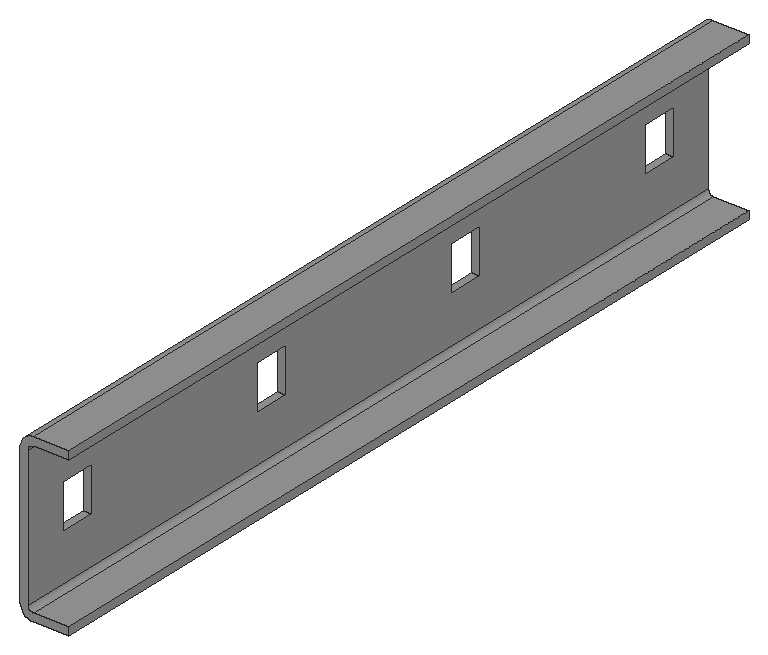
Revit family "Längsverbinder mit Schrauben - SLV 62 A4_Alu", category Generic Models, Revit 2017
Family settings
  Can host rebar = No
  Round Connector Dimension = Use Diameter
  Part Type = Normal
  Work Plane-Based = No
  Always vertical = Yes
  Cut with Voids When Loaded = No
  Shared = No
  Room Calculation Point = No
Parameters (values of type "SLV 62 FT")
  URL = "http://www.obo-bettermann.com"
  Material = Hot dip galvanised
  Manufacturer Art.No. = "7103576"
  Manufacturer = "OBO BETTERMANN"
  GTIN = "4012196698110"
  Cut's number = 4
  Article Type = "SLV 62 FT"
Types (3, lengths in mm): name | Material | Manufacturer Art.No. | GTIN | Article Type
  (no name) | Hot dip galvanised | "7103576" | "4012196698110" | "SLV 62 FT"
  SLV 62 A4 | Stainless steel, rustproof | "7103594" | "4012196698141" | "SLV 62 A4"
  SLV 62 FT | Hot dip galvanised | "7103576" | "4012196698110" | "SLV 62 FT"
Reference planes
  plane 1 "Center (Front/Back)": y = 0
  plane 2: z = 0
  plane 3 "Center (Left/Right)": x = 0
  plane 4: y = 210
  plane 5: z = 20.463
  plane 6: y = 15
  plane 7: y = 195
  plane 8: z = 20.463
  plane 9: y = -45
  plane 10: y = 135
  plane 11: z = 20.463
  plane 12: y = -105
  plane 13: y = 75
  plane 14: z = 20.463
  plane 15: y = -165
  plane 16: y = 15
Forms (mm)
  Extrusion 1, solid, material "Hot dip galvanised" <- "Material"
    sketch origin (0, 0, 0) x (1, 0, 0) y (0, 0, 1)
      loop
        line (3.3, 0) -> (11.982, 0) -> (11.982, 2) -> (3.3, 2)
        arc (3.3, 2) -> (2.381, 2.381) -> (2, 3.3) r 1.3
        line (2, 3.3) -> (2, 37.663)
        arc (2, 37.663) -> (2.381, 38.582) -> (3.3, 38.963) r 1.3
        line (3.3, 38.963) -> (11.982, 38.963) -> (11.982, 40.963) -> (3.3, 40.963)
        arc (3.3, 40.963) -> (0.967, 39.996) -> (0, 37.663) r 3.3
        line (0, 37.663) -> (0, 3.3)
        arc (0, 3.3) -> (0.967, 0.967) -> (3.3, 0) r 3.3
    from 0 to -210
  Extrusion 2, void
    sketch origin (0, 0, 0) x (0, 1, 0) y (0, 0, 1)
      loop
        line (199.5, 25.963) -> (190.5, 25.963) -> (190.5, 14.963) -> (199.5, 14.963) -> (199.5, 25.963)
    from 0 to 2
  Extrusion 3, void
    sketch origin (0, -60, 0) x (0, 1, 0) y (0, 0, 1)
      loop
        line (199.5, 25.963) -> (190.5, 25.963) -> (190.5, 14.963) -> (199.5, 14.963) -> (199.5, 25.963)
    from 0 to 2
  Extrusion 4, void
    sketch origin (0, -120, 0) x (0, 1, 0) y (0, 0, 1)
      loop
        line (199.5, 25.963) -> (190.5, 25.963) -> (190.5, 14.963) -> (199.5, 14.963) -> (199.5, 25.963)
    from 0 to 2
  Extrusion 5, void
    sketch origin (0, -180, 0) x (0, 1, 0) y (0, 0, 1)
      loop
        line (199.5, 25.963) -> (190.5, 25.963) -> (190.5, 14.963) -> (199.5, 14.963) -> (199.5, 25.963)
    from 0 to 2
Cuts and joins
  Extrusion 2, Extrusion 3, Extrusion 4, Extrusion 5 cuts Extrusion 1
Dimensions and locks
  locked: Extrusion 1 sketch curve to Extrusion 1 sketch curve at 40.963
  locked: Extrusion 1 sketch curve to Extrusion 1 sketch curve at 11.982  (x2)
  locked: Extrusion 1 sketch curve to Extrusion 1 sketch curve at 2  (x3)
  locked: Extrusion 1 to plane 1 "Center (Front/Back)" at 210
  locked: Extrusion 2 sketch curve to Extrusion 2 sketch curve at 9
  locked: Extrusion 2 sketch curve to plane 7 at 4.5
  locked: Extrusion 2 sketch curve to Extrusion 2 sketch curve at 11
  locked: plane 5 to Extrusion 2 sketch curve at 5.5
  locked: Extrusion 3 sketch curve to Extrusion 3 sketch curve at 9
  locked: Extrusion 3 sketch curve to plane 10 at 4.5
  locked: Extrusion 3 sketch curve to Extrusion 3 sketch curve at 11
  locked: plane 8 to Extrusion 3 sketch curve at 5.5
  equal spacing: group 1, group 2, group 3, group 4  (x2)
  equal spacing: group 4, group 3, group 2, group 1
  locked: Extrusion 4 sketch curve to Extrusion 4 sketch curve at 9
  locked: Extrusion 4 sketch curve to plane 13 at 4.5
  locked: Extrusion 4 sketch curve to Extrusion 4 sketch curve at 11
  locked: plane 11 to Extrusion 4 sketch curve at 5.5
  locked: Extrusion 5 sketch curve to Extrusion 5 sketch curve at 9
  locked: Extrusion 5 sketch curve to plane 16 at 4.5
  locked: Extrusion 5 sketch curve to Extrusion 5 sketch curve at 11
  locked: plane 14 to Extrusion 5 sketch curve at 5.5
  aligned and locked: level to plane 2
  aligned and locked: Extrusion 1 sketch curve to plane 2
  aligned and locked: plane 3 "Center (Left/Right)" to Extrusion 1 sketch curve
  aligned and locked: Extrusion 1 to level
  aligned and locked: Extrusion 1 to plane 3 "Center (Left/Right)"
  aligned and locked: plane 1 "Center (Front/Back)" to Extrusion 1
  aligned and locked: Extrusion 1 to plane 4
  aligned and locked: Extrusion 2 to plane 3 "Center (Left/Right)"
  aligned and locked: Extrusion 1 to Extrusion 2
Automatic sketch dimensions
  Extrusion 1 sketch curve to Extrusion 1 sketch curve = 0 mm  (x3)
  Extrusion 1 sketch curve to Extrusion 1 sketch curve = 1.3 mm  (x2)
